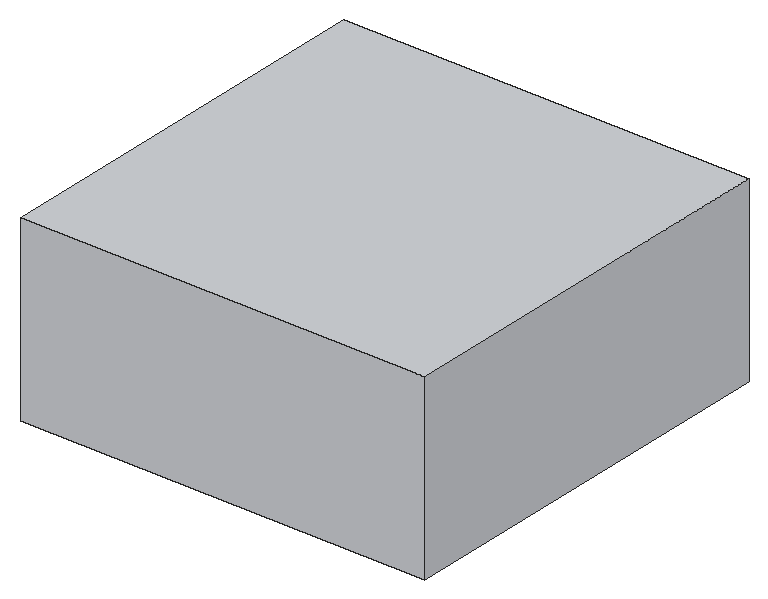
Revit family "SFND_Pile Cap Rectangular", category Structural Foundations, Revit 2024
Family settings
  Material for Model Behavior = Concrete
  Cap = No
  Work Plane-Based = No
  Always vertical = Yes
  Cut with Voids When Loaded = No
  Shared = No
  Show family pre-cut in plan views = Yes
Parameters (values of type "2000 x 2000 x 900mm")
  Width = 2000 mm
  Structural Material [instance] = none
  Length = 2000 mm
  EA_Repath [instance] = 0 mm
  Assembly Code = ""
  Thickness = 900 mm
Types (2, lengths in mm): name | Width | Length | Thickness
  2000 x 2000 x 900mm | 2000 | 2000 | 900
  2600 x 1650 x 1100mm | 1650 | 2600 | 1100
Reference planes
  plane 1 "Center (Front/Back)": y = 0
  plane 2: z = 0
  plane 3 "Center (Left/Right)": x = 0
  plane 4: x = -1000
  plane 5: x = 1000
  plane 6: y = 1000
  plane 7: y = -1000
Forms (mm)
  Extrusion 1, solid, material <- "Structural Material"
    sketch origin (0, 0, 0) x (1, 0, 0) y (0, 1, 0)
      loop
        line (-1000, 1000) -> (-1000, -1000) -> (1000, -1000) -> (1000, 1000) -> (-1000, 1000)
    from -900 to 0
Dimensions and locks
  "Thickness": plane 2 to Extrusion 1
  "Width": plane 4 to plane 5
  "Length": plane 6 to plane 7
  equal spacing: plane 6, plane 1 "Center (Front/Back)", plane 7
  equal spacing: plane 4, plane 3 "Center (Left/Right)", plane 5
  aligned and locked: plane 4 to Extrusion 1 sketch curve
  aligned and locked: Extrusion 1 sketch curve to plane 5
  aligned and locked: Extrusion 1 sketch curve to plane 6
  aligned and locked: plane 7 to Extrusion 1 sketch curve
  aligned and locked: level to Extrusion 1
